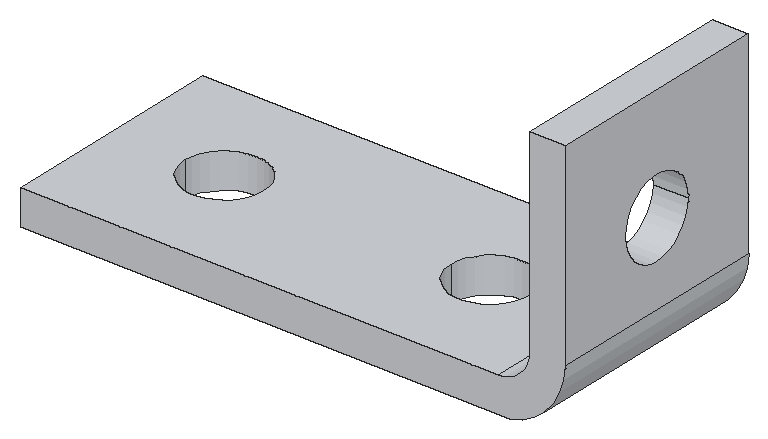
Revit family "Fitting-Ninety_Degree_Angle-Unistrut-P1346", category Specialty Equipment, Revit 2012
Parameters
  ecoScorecard_data = "http://products.ecoscorecard.com/atkore/P1346"
  ecoScorecard Product Page = "http://products.ecoscorecard.com/atkore/P1346?action=html"
  Weight Per Piece = 0.58 lbf
  Unit = none
  Unistrut Part Number = "P1346"  # constant formula
  URL = "http://unistrut.us/index.php"
  Thickness = 0' - 0 1/4"
  Subcategory = "Nintey Degree Angle Fittings"
  Product Page URL = "http://unistrut.us/index.php?WP=cat_detail&S=S05&P=P1346"
  Power Strut Part Number = "PS 745"  # constant formula
  Part Type = "Fitting"  # constant formula
  Overall Width = 0' - 1 5/8"
  Overall Length = 0' - 1 7/8"
  Overall Height = 0' - 3 7/8"
  Model = "P1346"
  Material = ""
  Manufacturer Phone - Toll Free = "800-882-5543"  # constant formula
  Manufacturer Phone = "708-339-1610"  # constant formula
  Manufacturer Fax = "708-339-7814"  # constant formula
  Manufacturer Email = "mailto:questions@atkore.com"
  Manufacturer Address = "16100 South Lathrop Avenue, Harvey, IL 60426"  # constant formula
  Manufacturer = "Unistrut by Atkore International"  # constant formula
  Load Capacity Note = "Visit the product page for load application and capacity."  # constant formula
  Literature URL = "http://unistrut.us/index.php?WP=LItLibrary"
  Hole Radius = 0' 0 9/16" / 2  # 0' - 0 9/32"
  Hole Diameter = 0' - 0 9/16"
  Default Elevation = 4' - 0"
  Cost Info = "mailto:questions@atkore.com"
  Category = "Specialty Equipment"  # constant formula
  CAD URL = "http://unistrut.us/index.php?WP=CAD3d"
  Assembly Code = "D5020100"
  95 CSI = "16070"  # constant formula
  04 CSI = "26 05 48"  # constant formula
Reference planes (in)
  plane 1 "Center (Front/Back)": y = 0
  plane 2: z = 0
  plane 3 "Center (Left/Right)": x = 0
  plane 4: x = -1.13471
  plane 5: x = 0.75528
  plane 6: z = 1.06289
Dimensions and locks (in)
  "Overall Height": nested 1 to nested 1
  "Overall Width": nested 1 to nested 1
  "Overall Length": nested 1 to plane 2
  aligned and locked: level to plane 2
Nested families (in)
  nested 1: "Fitting" at (-0.34596, 0, 0), type "Fitting"
Definition of nested family "Fitting"
  Parameters (values of type "Fitting")
    ecoScorecard_data = "http://products.ecoscorecard.com/atkore/P2094"
    ecoScorecard Product Page = "http://products.ecoscorecard.com/atkore/P2094?action=html"
    Unit = none
    URL = "http://unistrut.us/index.php"
    Thickness = 0' - 0 1/4"
    Overall Width = 0' - 1 5/8"
    Overall Length = 0' - 1 7/8"
    Overall Height = 0' - 3 7/8"
    Model = "P2270"
    Material = ""
    Manufacturer = "Atkore International"  # constant formula
    Load Capacity Note = "Visit the product page for load application and capacity."  # constant formula
    Literature URL = "http://unistrut.us/index.php?WP=LItLibrary"
    Hole Radius = Hole Diameter / 2  # 0' - 0 9/32"
    Hole Diameter = 0' - 0 9/16"
    Default Elevation = 4' - 0"
    CAD URL = "http://unistrut.us/index.php?WP=CAD3d"
    Assembly Code = "D5020100"
  Reference planes (in)
    plane 1 "Center (Front/Back)": y = 0
    plane 2: z = 0
    plane 3 "Center (Left/Right)": x = 0
    plane 4: z = 1.875
    plane 5: x = -1.59154
    plane 6: x = 2.28346
    plane 7: y = 0.8125
    plane 8: y = -0.8125
  Forms (in)
    Extrusion 1, solid, material <- "Unit"
      sketch origin (0, 0, 0) x (1, 0, 0) y (0, 0, 1)
        loop
          line (-1.59154, 0) -> (1.88704, 0)
          arc (1.88704, 0) -> (2.16932, 0.16568) -> (2.28346, 0.47244) r 0.48809
          line (2.28346, 0.47244) -> (2.28346, 1.875) -> (2.03346, 1.875) -> (2.03346, 0.47868)
          arc (2.03346, 0.47868) -> (1.96648, 0.31698) -> (1.80478, 0.25) r 0.22868
          line (1.80478, 0.25) -> (-1.59154, 0.25) -> (-1.59154, 0)
      from -0.8125 to 0.8125
    Extrusion 2, void
      sketch origin (0, 0, 0) x (1, 0, 0) y (0, 1, 0)
        loop
          circle (-0.78874, 0) r 0.28125
        loop
          circle (1.10124, 0) r 0.28125
      from 0 to 0.25
    Extrusion 3, void
      sketch origin (0, 0, 0) x (0, 1, 0) y (0, 0, 1)
        loop
          circle (0, 1.06289) r 0.28125
      from 2.03346 to 2.28346
  Cuts and joins
    Extrusion 2, Extrusion 3 cuts Extrusion 1
  Dimensions and locks (in)
    "Overall Length": plane 4 to level
    "Overall Height": plane 5 to plane 6
    equal spacing: plane 8, plane 1 "Center (Front/Back)", plane 7
    "Overall Width": plane 7 to plane 8
    "Thickness": Extrusion 1 sketch curve to Extrusion 1 sketch curve  (x2)
    "Hole Radius": radius of Extrusion 2 sketch curve  (x2)
    "Hole Radius": radius of Extrusion 3 sketch curve
    aligned and locked: level to plane 2
    aligned and locked: plane 7 to cut or joined group of Extrusion 1, Extrusion 2, Extrusion 3
    aligned and locked: plane 8 to cut or joined group of Extrusion 1, Extrusion 2, Extrusion 3
    aligned and locked: Extrusion 1 to Extrusion 3  (x2)
    aligned and locked: Extrusion 1 to Extrusion 2  (x2)
  Automatic sketch dimensions
    plane 5 to Extrusion 1 sketch curve = 0' - 0"
    Extrusion 1 sketch curve to level = 0' - 0"
    Extrusion 1 sketch curve to plane 4 = 0' - 0"
    plane 6 to Extrusion 1 sketch curve = 0' - 0"
    Extrusion 1 sketch curve to Extrusion 1 sketch curve = 0' - 0.00935"
    Extrusion 1 sketch curve to Extrusion 1 sketch curve = 0' - 0.08226"
    Extrusion 1 sketch curve to Extrusion 1 sketch curve = 0' - 0.22868"
    Extrusion 1 sketch curve to Extrusion 1 sketch curve = 0' - 0.00624"
    plane 1 "Center (Front/Back)" to Extrusion 2 sketch curve = 0' - 0"  (x2)
    Extrusion 2 sketch curve to plane 3 "Center (Left/Right)" = 0' - 0.78874"
    plane 3 "Center (Left/Right)" to Extrusion 2 sketch curve = 0' - 1.10124"
    Extrusion 3 sketch curve to plane 1 "Center (Front/Back)" = 0' - 0"
    Extrusion 3 sketch curve to plane 4 = 0' - 0.81211"
